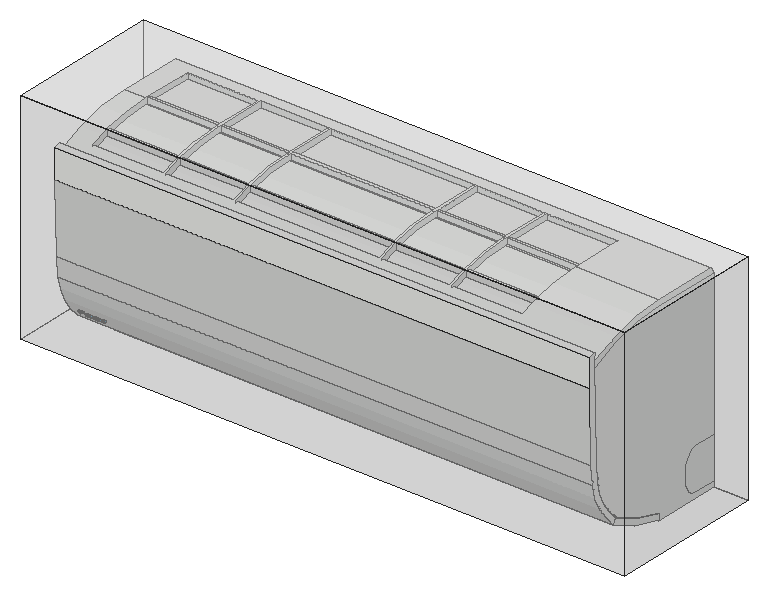
Revit family "outputfile", category 機械設備, Revit 2024 (continued)
Definition of nested family "DAIKIN_indoorunit_CTKP-VVMG"
  Automatic sketch dimensions
    Extrusion 22 sketch curve to Extrusion 22 sketch curve = 20.0 mm  (x2)
    Extrusion 22 sketch curve to level = 287.035 mm
    Extrusion 23 sketch curve to plane 1 "Center (Front/Back)" = 0.0 mm
    Extrusion 23 sketch curve to Extrusion 23 sketch curve = 20.0 mm  (x2)
    Extrusion 23 sketch curve to level = 287.035 mm
    plane 1 "Center (Front/Back)" to Extrusion 24 sketch curve = 0.0 mm  (x2)
    plane 3 "Center (Left/Right)" to Extrusion 24 sketch curve = 469.0 mm
    Extrusion 24 sketch curve to Extrusion 24 sketch curve = 20.0 mm  (x4)
    Extrusion 24 sketch curve to plane 3 "Center (Left/Right)" = 409.0 mm
  Nested families
    nested 1: "daikin_logo_plane_w40" at (-320, -198.871, -233.244) x (1, 0, 0) z (0, -0.7841, -0.6206), visible <- "switch_unit1_25-50", type "daikin_logo_plane_w40"
      with show_logo yes
    nested 2: "daikin_logo_plane_w40" at (-430, -237.74, -233.244) x (1, 0, 0) z (0, -0.7841, -0.6206), visible <- "switch_unit1_60", type "daikin_logo_plane_w40"
      with show_logo yes
  Definition of nested family "daikin_logo_plane_w40"
    Parameters (values of type "daikin_logo_plane_w40")
      width = 40.0 mm
      show_logo [instance] = yes
      material = none
      height = 0.0 mm
      depth = 0.0 mm
      Default Elevation = 1219.2 mm
    Reference planes
      plane 1 "Center (Front/Back)": y = 0
      plane 2: z = 0
      plane 3 "Center (Left/Right)": x = 0
      plane 4: z = 2
      plane 5 "left": x = -19
      plane 6: x = 19
    Forms (mm)
      Extrusion 1, solid, visible <- "show_logo"
        sketch origin (-19, 0, 0) x (1, 0, 0) y (0, 1, 0)
          loop
            line (8.902, -1.878) -> (7.789, -6.332) -> (11.13, -6.332)
            arc (11.13, -6.332) -> (12.454, -6.064) -> (13.472, -5.176) r 2.642
            arc (13.472, -5.176) -> (13.92, -4.02) -> (13.767, -2.79) r 2.537
            arc (13.767, -2.79) -> (13.452, -2.342) -> (12.982, -2.06) r 1.321
            arc (12.982, -2.06) -> (12.063, -1.902) -> (11.13, -1.878) r 6.479
            line (11.13, -1.878) -> (8.902, -1.878)
          loop
            line (10.016, -5.441) -> (10.907, -5.441)
            arc (10.907, -5.441) -> (11.591, -4.983) -> (11.988, -4.261) r 1.742
            spline (11.988, -4.261) -> (12.01, -4.155) -> (12.027, -4.03) -> (12.037, -3.893) -> (12.037, -3.747) -> (12.026, -3.598) -> (12.002, -3.451) -> (11.962, -3.31) -> (11.905, -3.181) -> (11.829, -3.069) -> (11.731, -2.978) -> (11.61, -2.913) -> (11.464, -2.88)
            line (11.464, -2.88) -> (10.573, -2.88) -> (10.016, -5.441)
          loop
            line (13.58, -6.332) -> (14.805, -6.332) -> (15.223, -5.553) -> (16.977, -5.553) -> (17.144, -6.332) -> (19.149, -6.332) -> (18.258, -1.878) -> (16.03, -1.878) -> (13.58, -6.332)
          loop
            line (16.476, -3.214) -> (15.76, -4.551) -> (16.762, -4.551) -> (16.476, -3.214)
          loop
            line (19.705, -6.332) -> (21.599, -6.332) -> (22.712, -1.878) -> (20.819, -1.878) -> (19.705, -6.332)
          loop
            line (22.712, -6.332) -> (24.606, -6.332) -> (24.908, -5.122) -> (25.831, -6.332) -> (28.17, -6.332) -> (26.388, -3.994) -> (28.949, -1.878) -> (26.945, -1.878) -> (25.401, -3.153) -> (25.719, -1.878) -> (23.826, -1.878) -> (22.712, -6.332)
          loop
            line (29.84, -1.878) -> (28.615, -6.332) -> (30.62, -6.332) -> (31.734, -1.878) -> (29.84, -1.878)
          loop
            line (31.734, -6.332) -> (33.07, -6.332) -> (33.7, -3.814) -> (34.518, -6.332) -> (36.745, -6.332) -> (37.859, -1.878) -> (36.523, -1.878) -> (35.845, -4.589) -> (34.963, -1.878) -> (32.847, -1.878) -> (31.734, -6.332)
        from 0 to 2
      Extrusion 2, solid, visible <- "show_logo"
        sketch origin (-19, 0, 0) x (1, 0, 0) y (0, 1, 0)
          loop
            line (8.7, 0) -> (4.235, 0) -> (0, -3.879) -> (0, -8) -> (8.7, 0)
        from 0 to 2
      Extrusion 3, solid, visible <- "show_logo"
        sketch origin (-19, 0, 0) x (1, 0, 0) y (0, 1, 0)
          loop
            line (0, 0) -> (0, -3.879) -> (4.235, 0) -> (0, 0)
        from 0 to 2
    Dimensions and locks
      plane 4 to plane 2 = 2.0 mm
      equal spacing: plane 5 "left", plane 3 "Center (Left/Right)", plane 6
      locked: plane 5 "left" to plane 6 at 38
      aligned and locked: level to plane 2
      aligned and locked: Extrusion 3 to plane 1 "Center (Front/Back)"  (x2)
      aligned and locked: Extrusion 2 to plane 1 "Center (Front/Back)"  (x2)
      aligned and locked: plane 4 to Extrusion 1
      aligned and locked: plane 4 to Extrusion 3
      aligned and locked: plane 4 to Extrusion 2
      aligned and locked: Extrusion 3 to plane 5 "left"
      aligned and locked: Extrusion 2 to plane 5 "left"
    Automatic sketch dimensions
      Extrusion 1 sketch curve to Extrusion 1 sketch curve = 0.901 mm
      Extrusion 1 sketch curve to Extrusion 1 sketch curve = 1.559 mm
      Extrusion 1 sketch curve to Extrusion 1 sketch curve = 1.327 mm
      Extrusion 1 sketch curve to Extrusion 1 sketch curve = 2.145 mm
      Extrusion 1 sketch curve to Extrusion 1 sketch curve = 1.448 mm
      Extrusion 1 sketch curve to Extrusion 1 sketch curve = 2.116 mm
      Extrusion 1 sketch curve to Extrusion 1 sketch curve = 1.114 mm  (x4)
      Extrusion 1 sketch curve to Extrusion 1 sketch curve = 1.336 mm  (x2)
      plane 1 "Center (Front/Back)" to Extrusion 1 sketch curve = 1.878 mm  (x5)
      Extrusion 1 sketch curve to Extrusion 1 sketch curve = 1.893 mm  (x5)
      Extrusion 1 sketch curve to Extrusion 1 sketch curve = 0.891 mm  (x4)
      Extrusion 1 sketch curve to Extrusion 1 sketch curve = 2.005 mm  (x3)
      Extrusion 1 sketch curve to Extrusion 1 sketch curve = 0.445 mm  (x2)
      plane 1 "Center (Front/Back)" to Extrusion 1 sketch curve = 3.994 mm
      Extrusion 1 sketch curve to Extrusion 1 sketch curve = 0.557 mm  (x2)
      Extrusion 1 sketch curve to Extrusion 1 sketch curve = 2.339 mm  (x2)
      Extrusion 1 sketch curve to Extrusion 1 sketch curve = 1.225 mm  (x3)
      plane 1 "Center (Front/Back)" to Extrusion 1 sketch curve = 3.153 mm
      Extrusion 1 sketch curve to Extrusion 1 sketch curve = 0.987 mm
      plane 1 "Center (Front/Back)" to Extrusion 1 sketch curve = 5.122 mm
      Extrusion 1 sketch curve to Extrusion 1 sketch curve = 0.922 mm
      plane 1 "Center (Front/Back)" to Extrusion 1 sketch curve = 6.332 mm
      Extrusion 1 sketch curve to Extrusion 1 sketch curve = 2.562 mm
      plane 1 "Center (Front/Back)" to Extrusion 1 sketch curve = 5.553 mm
      Extrusion 1 sketch curve to Extrusion 1 sketch curve = 0.167 mm
      Extrusion 1 sketch curve to Extrusion 1 sketch curve = 0.215 mm
      plane 1 "Center (Front/Back)" to Extrusion 1 sketch curve = 3.214 mm
      Extrusion 1 sketch curve to Extrusion 1 sketch curve = 0.286 mm
      plane 1 "Center (Front/Back)" to Extrusion 1 sketch curve = 4.551 mm
      Extrusion 1 sketch curve to Extrusion 1 sketch curve = 1.002 mm
      Extrusion 1 sketch curve to Extrusion 1 sketch curve = 0.537 mm
      Extrusion 1 sketch curve to Extrusion 1 sketch curve = 0.418 mm
      Extrusion 1 sketch curve to Extrusion 1 sketch curve = 1.028 mm
      plane 1 "Center (Front/Back)" to Extrusion 1 sketch curve = 4.261 mm
      Extrusion 1 sketch curve to Extrusion 1 sketch curve = 0.563 mm
      plane 1 "Center (Front/Back)" to Extrusion 1 sketch curve = 2.88 mm
      Extrusion 1 sketch curve to Extrusion 1 sketch curve = 1.088 mm
      Extrusion 1 sketch curve to Extrusion 1 sketch curve = 2.152 mm
      Extrusion 1 sketch curve to Extrusion 1 sketch curve = 0.586 mm
      Extrusion 1 sketch curve to Extrusion 1 sketch curve = 0.118 mm
      Extrusion 1 sketch curve to Extrusion 1 sketch curve = 0.298 mm
      Extrusion 1 sketch curve to Extrusion 1 sketch curve = 0.334 mm
      Extrusion 1 sketch curve to Extrusion 1 sketch curve = 0.223 mm
      Extrusion 1 sketch curve to Extrusion 1 sketch curve = 0.266 mm
      Extrusion 1 sketch curve to Extrusion 1 sketch curve = 1.671 mm
      Extrusion 1 sketch curve to Extrusion 1 sketch curve = 2.227 mm
      Extrusion 1 sketch curve to Extrusion 1 sketch curve = 0.0 mm  (x7)
      Extrusion 1 sketch curve to Extrusion 1 sketch curve = 3.453 mm
      Extrusion 1 sketch curve to Extrusion 1 sketch curve = 2.017 mm
      Extrusion 1 sketch curve to Extrusion 1 sketch curve = 0.78 mm  (x2)
      Extrusion 1 sketch curve to Extrusion 1 sketch curve = 1.743 mm
      Extrusion 1 sketch curve to Extrusion 1 sketch curve = 0.775 mm
      Extrusion 1 sketch curve to Extrusion 1 sketch curve = 0.552 mm
      Extrusion 1 sketch curve to Extrusion 1 sketch curve = 0.014 mm
      Extrusion 1 sketch curve to Extrusion 1 sketch curve = 0.952 mm
      Extrusion 1 sketch curve to Extrusion 1 sketch curve = 1.215 mm
      Extrusion 1 sketch curve to Extrusion 1 sketch curve = 0.108 mm
      plane 1 "Center (Front/Back)" to Extrusion 2 sketch curve = 0.0 mm
      Extrusion 2 sketch curve to plane 3 "Center (Left/Right)" = 19.0 mm
      Extrusion 2 sketch curve to plane 3 "Center (Left/Right)" = 14.765 mm
      Extrusion 2 sketch curve to Extrusion 2 sketch curve = 4.465 mm
      plane 1 "Center (Front/Back)" to Extrusion 2 sketch curve = 3.879 mm
      Extrusion 2 sketch curve to Extrusion 2 sketch curve = 4.12 mm
      plane 1 "Center (Front/Back)" to Extrusion 3 sketch curve = 0.0 mm
      Extrusion 3 sketch curve to plane 3 "Center (Left/Right)" = 19.0 mm
      Extrusion 3 sketch curve to plane 3 "Center (Left/Right)" = 14.765 mm
      plane 1 "Center (Front/Back)" to Extrusion 3 sketch curve = 3.879 mm
      Extrusion 1 sketch curve to plane 3 "Center (Left/Right)" = 11.211 mm
      Extrusion 1 sketch curve to Extrusion 1 sketch curve = 1.782 mm
Definition of nested family "daikin_connector_rotate3"
  Parameters (values of type "daikin_connector_rotate3")
    show [instance] = yes
    radius [instance] = 10.0 mm
    length [instance] = 600.0 mm
    angle_horizontal [instance] = 60.00°
    angle_vertical [instance] = 90.00°
    Default Elevation = 1219.2 mm
  Reference planes
    plane 1 "Center (Front/Back)": y = 0
    plane 2: z = 0
    plane 3 "Center (Left/Right)": x = 0
  Dimensions and locks
    "angle_horizontal": angle plane 3 "Center (Left/Right)" to nested 1
    aligned and locked: level to plane 2
    aligned and locked: plane 1 "Center (Front/Back)" to nested 1  (x2)
    aligned and locked: plane 3 "Center (Left/Right)" to nested 1
  Nested families
    nested 1: "daikin_connector_rotate2" at (0, 0, 0) x (0.5, 0.866, 0) z (0, 0, 1), angle_vertical <- "angle_vertical", length <- "length", radius <- "radius", type "daikin_connector_rotate2"
      with radius 10.0 mm, length 600.0 mm, angle_vertical 90.00°
  Definition of nested family "daikin_connector_rotate2"
    Parameters (values of type "daikin_connector_rotate2")
      show_face = yes
      radius [instance] = 10.0 mm
      length [instance] = 600.0 mm
      d_surface = 10.0 mm
      angle_vertical [instance] = 90.00°
      Default Elevation = 0.0 mm
    Reference planes
      plane 1 "Center (Front/Back)": y = 0
      plane 2: z = 0
      plane 3 "Center (Left/Right)": x = 0
    Forms (mm)
      Extrusion 1, solid, visible <- "show_face"
        sketch origin (0, -600, 0) x (1, 0, 0) y (0, 0, 1)
          loop
            circle (0, 0) r 10
        from 0 to -10
    Lines and regions (mm)
      reference lines
        curve 1: line (0, 0, 0) -> (0, -600, 0)
      symbolic lines
        curve 2: circle (0, 0, 0) r 5 normal (0, 0, 1)
      model lines, visible <- "show_face"
        curve 3: line (0, 0, 0) -> (0, -600, 0)
    Dimensions and locks
      "length": curve 1 to curve 1
      "length": curve 3 to curve 3
      "d_surface": Extrusion 1 to Extrusion 1
      "radius": radius of Extrusion 1 sketch curve
      "angle_vertical": angle curve 1 to plane 1 "Center (Front/Back)"
      "angle_vertical": angle curve 3 to plane 1 "Center (Front/Back)"
      aligned and locked: level to plane 2
      aligned and locked: plane 1 "Center (Front/Back)" to curve 1
      aligned and locked: plane 2 to curve 1
      aligned and locked: plane 1 "Center (Front/Back)" to curve 2
      aligned and locked: plane 3 "Center (Left/Right)" to curve 2
      aligned and locked: plane 1 "Center (Front/Back)" to curve 3
      aligned and locked: plane 2 to curve 3
      aligned and locked: Extrusion 1 to Extrusion 1
    Automatic sketch dimensions
      Extrusion 1 sketch curve to level = 0.0 mm
      Extrusion 1 sketch curve to plane 3 "Center (Left/Right)" = 0.0 mm
      radius of curve 2 = 5.0 mm
